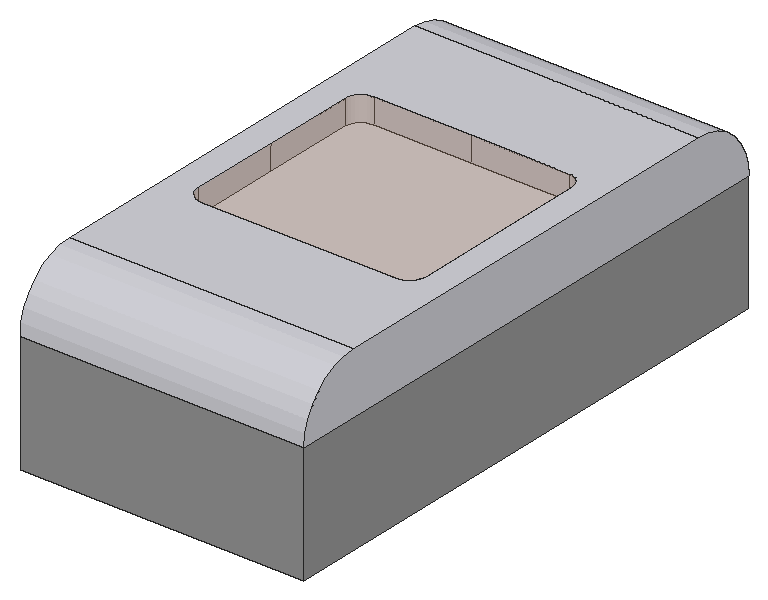
Revit family "Domotics-DomesticRanges-GEWISS-CHORUS_SIGNALLING-LAMP_1M", category Apparecchi elettrici, host Superficie, Revit 2016
Family settings
  Host = Superficie
  Mantenere orientamento annotazione = Sì
  Tipo di parte = Normale
  Quota connettore circolare = Usa diametro
  Taglio con vuoti quando caricato = Sì
  Condiviso = Sì
  Punto di calcolo locali = Sì
Parameters (values of type "GW14624 - Amber indicator lamp 1M titanium")
  Version file RFA = "19.0"
  URL = "https://www.gewiss.com/ww/en"
  Tipo_ = Chorus Spie 1M_GENERICO : GW14624 Spia di segnalazione ambra 1M titanio
  Technical sheet = "https://www.gewiss.com/ww/en/search?q=GW14624"
  Simbolo [instance] = yes
  SEO = "Indicator"
  Realized by GEWISS S.p.A. = ""
  Default Elevation = 1219.2 mm
  Produttore = "GEWISS S.p.A."
  Offset_spia [instance] = 0 mm
  Offset_bidimensionali [instance] = 2 mm
  No. Chorus modules: = "1"
  N. moduli Chorus = "1"
  Modello = "GW14624"
  Immagine tipo = GW14624.jpg
  IFC.TypeObject = ""
  IFC.ExportType = ""
  IFC.ExportAs = ""
  IDT = "fdc8d34e-45fe-4ab7-8fcf-fae2eb94421c"
  IDF = "49d4496d-f6db-4e26-8ce7-55cd9d1ea79b"
  GW - Unità di segnalazione = "With wired lead"
  GW - Significato colore = "Attention"
  GW - Colore diffusore = "Amber"
  Electrocod = "0132"
  EAN code = "8011564268500"
  Distanza_effettiva_x [instance] = 1500 mm - Distanza_x  # 1500 mm
  Distanza_x [instance] = 0 mm
  Descrizione = "AMBER INDICATOR LAMP 1M TITANIUM"
  Description. = "Flat indicator lamp"
  Colore = "Titanium"
  Catalogue Range = "CHORUS - DOMESTIC RANGE"
  Catalogue = "DOMOTICS"
  COBie.Tagnumber = ""
  COBie.CreatedOn = ""
  COBie.CreatebBy = ""
  COBie.ComponentRegisterItemID = ""
  COBie.Component.TagNumber = ""
  COBie.Component.Space = ""
  COBie.Component.SerialNumber = ""
  COBie.Component.InstallationDate = ""
  COBie.Component.Description = ""
  COBie.Component.BarCode = ""
Types (12, lengths in mm): name | Tipo_ | Technical sheet | Modello | Immagine tipo | IDT | GW - Significato colore | GW - Colore diffusore | EAN code | Descrizione | Colore
  GW10621 - Transparent indicator lamp 1M white | Chorus Spie 1M_GENERICO : GW10621 Spia di segnalazione trasparente 1M bianco | "https://www.gewiss.com/ww/en/search?q=GW10621" | "GW10621" | GW10621.jpg | "18b776be-6779-4f67-9df3-ec72dc392038" | "Neutral" | "Opal" | "8011564259607" | "TRANSPARENT INDICATOR LAMP 1M WHITE" | "White"
  GW10622 - Green indicator lamp 1M white | Chorus Spie 1M_GENERICO : GW10622 Spia di segnalazione verde 1M bianco | "https://www.gewiss.com/ww/en/search?q=GW10622" | "GW10622" | GW10622.jpg | "83d8386c-1b56-4514-b80b-aed09ac76195" | "Safety" | "Green" | "8011564259614" | "GREEN INDICATOR LAMP 1M WHITE" | "White"
  GW10623 - Red indicator lamp 1M white | Chorus Spie 1M_GENERICO : GW10623 Spia di segnalazione rosso 1M bianco | "https://www.gewiss.com/ww/en/search?q=GW10623" | "GW10623" | GW10623.jpg | "28f57745-0223-430c-ab12-52b2f72a1cb7" | "Danger" | "Red" | "8011564259621" | "RED INDICATOR LAMP 1M WHITE" | "White"
  GW10624 - Amber indicator lamp 1M white | Chorus Spie 1M_GENERICO : GW10624 Spia di segnalazione ambra 1M bianco | "https://www.gewiss.com/ww/en/search?q=GW10624" | "GW10624" | GW10624.jpg | "87372e4b-e235-4007-a5c6-86362f1698e6" | "Attention" | "Amber" | "8011564259638" | "AMBER INDICATOR LAMP 1M WHITE" | "White"
  GW12621 - Transparent indicator lamp 1M black | Chorus Spie 1M_GENERICO : GW12621 Spia di segnalazione trasparente 1M nero | "https://www.gewiss.com/ww/en/search?q=GW12621" | "GW12621" | GW12621.jpg | "2e7c2a11-069f-4464-9c5e-4db67e17848b" | "Neutral" | "Opal" | "8011564269231" | "TRANSPARENT INDICATOR LAMP 1M BLACK" | "Black"
  GW12622 - Green indicator lamp 1M black | Chorus Spie 1M_GENERICO : GW12622 Spia di segnalazione verde 1M nero | "https://www.gewiss.com/ww/en/search?q=GW12622" | "GW12622" | GW12622.jpg | "b004c597-ab21-4a6d-a75c-c2269ceb2071" | "Safety" | "Green" | "8011564269248" | "GREEN INDICATOR LAMP 1M BLACK" | "Black"
  GW12623 - Red indicator lamp 1M black | Chorus Spie 1M_GENERICO : GW12623 Spia di segnalazione rosso 1M nero | "https://www.gewiss.com/ww/en/search?q=GW12623" | "GW12623" | GW12623.jpg | "02e2ab65-bf6b-46f2-a383-3951455d6d4e" | "Danger" | "Red" | "8011564269255" | "RED INDICATOR LAMP 1M BLACK" | "Black"
  GW12624 - Amber indicator lamp 1M black | Chorus Spie 1M_GENERICO : GW12624 Spia di segnalazione ambra 1M nero | "https://www.gewiss.com/ww/en/search?q=GW12624" | "GW12624" | GW12624.jpg | "c8d7736d-7b26-4acd-8197-020b8585d413" | "Attention" | "Amber" | "8011564269262" | "AMBER INDICATOR LAMP 1M BLACK" | "Black"
  GW14621 - Transparent indicator lamp 1M titanium | Chorus Spie 1M_GENERICO : GW14621 Spia di segnalazione trasparente 1M titanio | "https://www.gewiss.com/ww/en/search?q=GW14621" | "GW14621" | GW14621.jpg | "f3442787-e54b-4c8f-81ac-3ed592c59b68" | "Neutral" | "Opal" | "8011564268418" | "TRANSPARENT INDICATOR LAMP 1M TITANIUM" | "Titanium"
  GW14622 - Green indicator lamp 1M titanium | Chorus Spie 1M_GENERICO : GW14622 Spia di segnalazione verde 1M titanio | "https://www.gewiss.com/ww/en/search?q=GW14622" | "GW14622" | GW14622.jpg | "ce68e166-7ab3-40fd-8e06-5604d820fd50" | "Safety" | "Green" | "8011564268432" | "GREEN INDICATOR LAMP 1M TITANIUM" | "Titanium"
  GW14623 - Red indicator lamp 1M titanium | Chorus Spie 1M_GENERICO : GW14623 Spia di segnalazione rosso 1M titanio | "https://www.gewiss.com/ww/en/search?q=GW14623" | "GW14623" | GW14623.jpg | "b1a41ae7-3842-41af-8c01-9404c1798ac4" | "Danger" | "Red" | "8011564268470" | "RED INDICATOR LAMP 1M TITANIUM" | "Titanium"
  GW14624 - Amber indicator lamp 1M titanium | Chorus Spie 1M_GENERICO : GW14624 Spia di segnalazione ambra 1M titanio | "https://www.gewiss.com/ww/en/search?q=GW14624" | "GW14624" | GW14624.jpg | "fdc8d34e-45fe-4ab7-8fcf-fae2eb94421c" | "Attention" | "Amber" | "8011564268500" | "AMBER INDICATOR LAMP 1M TITANIUM" | "Titanium"
Reference planes
  plane 1 "Centro (Fronte/Retro)": y = 0
  plane 2: z = 0
  plane 3 "Centro (Sinistra/Destra)": x = 0
  plane 4: x = 0
  plane 5: x = -1500
  plane 6: z = 0
  plane 7: z = 14.625
  plane 8: z = 16.625
  plane 9: x = -11.5
  plane 10: x = 11.5
Lines and regions (mm)
  Masking region 1, detail levels coarse
    outline origin (0, 0, 0) x (1, 0, 0) y (0, 0, 1)
  model lines, style "ElectricalFixtures", not visible
    curve 1: line (-9.88, 0, 25.625) -> (-8.579, 0, 25.625)
    curve 2: line (-9.88, 0, 25.625) -> (-8.579, 0, 25.625)
    curve 3: line (8.605, 0, 25.625) -> (9.907, 0, 25.625)
    curve 4: line (11.5, 0, 25.625) -> (-11.5, 0, 25.625)
    curve 5: line (-11.5, 0, 25.625) -> (11.5, 0, 25.625)
    curve 6: line (-8.579, 0, 25.625) -> (0, 0, 25.625)
    curve 7: line (0, 0, 25.625) -> (8.605, 0, 25.625)
    curve 8: line (-8.579, 0, 25.625) -> (0, 0, 25.625)
    curve 9: line (0, 0, 25.625) -> (8.605, 0, 25.625)
    curve 10: line (8.605, 0, 25.625) -> (9.907, 0, 25.625)
  model lines, style "ElectricalFixtures", not visible, detail levels coarse
    curve 11: arc (-109.372, 8.668, 0) -> (-110.292, 8.286, 0) -> (-110.673, 7.366, 0) r 1.302
    curve 12: arc (-110.673, -7.486, 0) -> (-110.292, -8.406, 0) -> (-109.372, -8.788, 0) r 1.302
    curve 13: arc (-90.886, 7.366, 0) -> (-91.268, 8.286, 0) -> (-92.188, 8.668, 0) r 1.302
    curve 14: line (-89.293, -22.5, 0) -> (-89.293, 22.5, 0)
    curve 15: line (-89.293, 22.5, 0) -> (-112.293, 22.5, 0)
    curve 16: line (-112.293, 22.5, 0) -> (-112.293, -22.5, 0)
    curve 17: line (-112.293, -22.5, 0) -> (-89.293, -22.5, 0)
    curve 18: line (-109.372, 8.668, 0) -> (-100.793, 8.668, 0)
    curve 19: line (-100.793, 8.668, 0) -> (-92.188, 8.668, 0)
    curve 20: line (-110.673, 7.366, 0) -> (-110.673, -0.06, 0)
    curve 21: line (-110.673, -0.06, 0) -> (-110.673, -7.486, 0)
    curve 22: line (-109.372, -8.788, 0) -> (-100.793, -8.788, 0)
    curve 23: line (-100.793, -8.788, 0) -> (-92.188, -8.788, 0)
    curve 24: line (-90.886, 7.366, 0) -> (-90.886, -0.06, 0)
    curve 25: line (-90.886, -0.06, 0) -> (-90.886, -7.486, 0)
    curve 26: arc (-92.188, -8.788, 0) -> (-91.268, -8.406, 0) -> (-90.886, -7.486, 0) r 1.302
  model lines, style "ElectricalFixtures", detail levels coarse
    curve 27: arc (-8.579, 8.668, 16.625) -> (-9.499, 8.286, 16.625) -> (-9.88, 7.366, 16.625) r 1.302
    curve 28: arc (-9.88, -7.486, 16.625) -> (-9.499, -8.406, 16.625) -> (-8.579, -8.788, 16.625) r 1.302
    curve 29: arc (9.907, 7.366, 16.625) -> (9.525, 8.286, 16.625) -> (8.605, 8.668, 16.625) r 1.302
    curve 30: line (11.5, -22.5, 16.625) -> (11.5, 22.5, 16.625)
    curve 31: line (11.5, 22.5, 16.625) -> (-11.5, 22.5, 16.625)
    curve 32: line (-11.5, 22.5, 16.625) -> (-11.5, -22.5, 16.625)
    curve 33: line (-11.5, -22.5, 16.625) -> (11.5, -22.5, 16.625)
    curve 34: line (-8.579, 8.668, 16.625) -> (0, 8.668, 16.625)
    curve 35: line (0, 8.668, 16.625) -> (8.605, 8.668, 16.625)
    curve 36: line (-9.88, 7.366, 16.625) -> (-9.88, -0.06, 16.625)
    curve 37: line (-9.88, -0.06, 16.625) -> (-9.88, -7.486, 16.625)
    curve 38: line (-8.579, -8.788, 16.625) -> (0, -8.788, 16.625)
    curve 39: line (0, -8.788, 16.625) -> (8.605, -8.788, 16.625)
    curve 40: line (9.907, 7.366, 16.625) -> (9.907, -0.06, 16.625)
    curve 41: line (9.907, -0.06, 16.625) -> (9.907, -7.486, 16.625)
    curve 42: arc (8.605, -8.788, 16.625) -> (9.525, -8.406, 16.625) -> (9.907, -7.486, 16.625) r 1.302
Dimensions and locks
  "Distanza_effettiva_x": plane 5 to plane 4
  plane 5 to plane 3 "Centro (Sinistra/Destra)" = 1500 mm
  "Offset_spia": plane 6 to plane 2
  locked: plane 7 to plane 6 at 14.625
  "Offset_bidimensionali": plane 8 to plane 7
  "Offset_spia": host face to nested 1
  aligned and locked: plane 2 to host face
  aligned and locked: level to host face
  aligned and locked: plane 3 "Centro (Sinistra/Destra)" to nested 1
  aligned and locked: plane 1 "Centro (Fronte/Retro)" to nested 1
  aligned and locked: plane 4 to nested 2
  aligned and locked: plane 4 to curve 35
  aligned and locked: curve 33 to plane 8
Automatic sketch dimensions
  host sketch curve to host sketch curve = 2438.4 mm  (x2)
Nested families
  nested 1: "Chorus Spie 1M_GENERICO" at (0, 0, 0), type <- "Tipo_", type "GW14624 Spia di segnalazione ambra 1M titanio", detail levels medium+fine
  nested 2: "SPIE" at (0, 3.91, 0), SIMBOLO <- "Simbolo", type "SPIE"
    with SIMBOLO yes, Distanza dal muro 2 mm, BORDO ACCESO yes
Definition of nested family "Chorus Spie 1M_GENERICO"
  Parameters (values of type "GW10622 Spia di segnalazione verde 1M bianco")
    Type Image = element 1225501
    IFC.TypeObject = ""
    IFC.ExportType = ""
    IFC.ExportAs = ""
    GW - Unità di segnalazione = "Ad ampolla"
    GW - Significato colore = "Sicurezza"
    N. moduli Chorus = "1"
    GW - Descrizione = "SPIA DI SEGNALAZIONE VERDE 1M BIANCO"
    GW - Costruttore = "GEWISS"
    GW - Colore diffusore = "Verde"
    Colore = "Bianco"
    GW - Codice = "GW10622"
    Catalogo = "DOMOTICS"
    GEWISS URL = "http://www.gewiss.com/prv/it_IT/index.html"
    GEWISS SCHEDA TECNICA = "http://pro.gewiss.com/irj/portal/?NavigationTarget=pcd:portal_content/com.gewiss.ZPPFDMain/com.gewiss.ZPPFDITMain/com.gewiss.ZPPFDITMainDefault/com.gewiss.ZPPFDITPages/com.gewiss.ZPPFDITPagesAP/com.gewiss.ZPPFDITPagesAPCatalogo/com.gewiss.ZPPPDITAPProductDetail&codProd=GW10622"
    Finitura Chorus Spia Trasparente = none
    Finitura Chorus Spia Placca = none
    COBie.CreatedOn = ""
    COBie.CreatebBy = ""
    COBie.ComponentRegisterItemID = ""
    COBie.Component.TagNumber = ""
    COBie.Component.Space = ""
    COBie.Component.SerialNumber = ""
    COBie.Component.InstallationDate = ""
    COBie.Component.Description = ""
    COBie.Component.BarCode = ""
    Altezza da Terra = 750 mm
  Types (12, lengths in mm): name | Type Image | GW - Significato colore | GW - Descrizione | GW - Colore diffusore | Colore | GW - Codice | GEWISS SCHEDA TECNICA
    GW10621 Spia di segnalazione trasparente 1M bianco | element 1225499 | "Neutro" | "SPIA DI SEGNAL.TRASPARENTE 1M BIANCO" | "Opale" | "Bianco" | "GW10621" | "http://pro.gewiss.com/irj/portal/?NavigationTarget=pcd:portal_content/com.gewiss.ZPPFDMain/com.gewiss.ZPPFDITMain/com.gewiss.ZPPFDITMainDefault/com.gewiss.ZPPFDITPages/com.gewiss.ZPPFDITPagesAP/com.gewiss.ZPPFDITPagesAPCatalogo/com.gewiss.ZPPPDITAPProductDetail&codProd=GW10621"
    GW10622 Spia di segnalazione verde 1M bianco | element 1225501 | "Sicurezza" | "SPIA DI SEGNALAZIONE VERDE 1M BIANCO" | "Verde" | "Bianco" | "GW10622" | "http://pro.gewiss.com/irj/portal/?NavigationTarget=pcd:portal_content/com.gewiss.ZPPFDMain/com.gewiss.ZPPFDITMain/com.gewiss.ZPPFDITMainDefault/com.gewiss.ZPPFDITPages/com.gewiss.ZPPFDITPagesAP/com.gewiss.ZPPFDITPagesAPCatalogo/com.gewiss.ZPPPDITAPProductDetail&codProd=GW10622"
    GW10623 Spia di segnalazione rosso 1M bianco | element 1225503 | "Pericolo" | "SPIA DI SEGNALAZIONE ROSSO 1M BIANCO" | "Rosso" | "Bianco" | "GW10623" | "http://pro.gewiss.com/irj/portal/?NavigationTarget=pcd:portal_content/com.gewiss.ZPPFDMain/com.gewiss.ZPPFDITMain/com.gewiss.ZPPFDITMainDefault/com.gewiss.ZPPFDITPages/com.gewiss.ZPPFDITPagesAP/com.gewiss.ZPPFDITPagesAPCatalogo/com.gewiss.ZPPPDITAPProductDetail&codProd=GW10623"
    GW10624 Spia di segnalazione ambra 1M bianco | element 1225505 | "Attenzione" | "SPIA DI SEGNALAZIONE AMBRA 1M BIANCO" | "Ambra" | "Bianco" | "GW10624" | "http://pro.gewiss.com/irj/portal/?NavigationTarget=pcd:portal_content/com.gewiss.ZPPFDMain/com.gewiss.ZPPFDITMain/com.gewiss.ZPPFDITMainDefault/com.gewiss.ZPPFDITPages/com.gewiss.ZPPFDITPagesAP/com.gewiss.ZPPFDITPagesAPCatalogo/com.gewiss.ZPPPDITAPProductDetail&codProd=GW10624"
    GW12621 Spia di segnalazione trasparente 1M nero | element 1225507 | "Neutro" | "SPIA DI SEGNAL.TRASPARENTE 1M NERO" | "Opale" | "Nero" | "GW12621" | "http://pro.gewiss.com/irj/portal/?NavigationTarget=pcd:portal_content/com.gewiss.ZPPFDMain/com.gewiss.ZPPFDITMain/com.gewiss.ZPPFDITMainDefault/com.gewiss.ZPPFDITPages/com.gewiss.ZPPFDITPagesAP/com.gewiss.ZPPFDITPagesAPCatalogo/com.gewiss.ZPPPDITAPProductDetail&codProd=GW12621"
    GW12622 Spia di segnalazione verde 1M nero | element 1225509 | "Sicurezza" | "SPIA DI SEGNALAZIONE VERDE 1M NERO" | "Verde" | "Nero" | "GW12622" | "http://pro.gewiss.com/irj/portal/?NavigationTarget=pcd:portal_content/com.gewiss.ZPPFDMain/com.gewiss.ZPPFDITMain/com.gewiss.ZPPFDITMainDefault/com.gewiss.ZPPFDITPages/com.gewiss.ZPPFDITPagesAP/com.gewiss.ZPPFDITPagesAPCatalogo/com.gewiss.ZPPPDITAPProductDetail&codProd=GW12622"
    GW12623 Spia di segnalazione rosso 1M nero | element 1225511 | "Pericolo" | "SPIA DI SEGNALAZIONE ROSSO 1M NERO" | "Rosso" | "Nero" | "GW12623" | "http://pro.gewiss.com/irj/portal/?NavigationTarget=pcd:portal_content/com.gewiss.ZPPFDMain/com.gewiss.ZPPFDITMain/com.gewiss.ZPPFDITMainDefault/com.gewiss.ZPPFDITPages/com.gewiss.ZPPFDITPagesAP/com.gewiss.ZPPFDITPagesAPCatalogo/com.gewiss.ZPPPDITAPProductDetail&codProd=GW12623"
    GW12624 Spia di segnalazione ambra 1M nero | element 1225513 | "Attenzione" | "SPIA DI SEGNALAZIONE AMBRA 1M NERO" | "Ambra" | "Nero" | "GW12624" | "http://pro.gewiss.com/irj/portal/?NavigationTarget=pcd:portal_content/com.gewiss.ZPPFDMain/com.gewiss.ZPPFDITMain/com.gewiss.ZPPFDITMainDefault/com.gewiss.ZPPFDITPages/com.gewiss.ZPPFDITPagesAP/com.gewiss.ZPPFDITPagesAPCatalogo/com.gewiss.ZPPPDITAPProductDetail&codProd=GW12624"
    GW14621 Spia di segnalazione trasparente 1M titanio | element 1225515 | "Neutro" | "SPIA DI SEGNAL.TRASPARENTE 1M TITANIO" | "Opale" | "Titanio" | "GW14621" | "http://pro.gewiss.com/irj/portal/?NavigationTarget=pcd:portal_content/com.gewiss.ZPPFDMain/com.gewiss.ZPPFDITMain/com.gewiss.ZPPFDITMainDefault/com.gewiss.ZPPFDITPages/com.gewiss.ZPPFDITPagesAP/com.gewiss.ZPPFDITPagesAPCatalogo/com.gewiss.ZPPPDITAPProductDetail&codProd=GW14621"
    GW14622 Spia di segnalazione verde 1M titanio | element 1225517 | "Sicurezza" | "SPIA DI SEGNALAZIONE VERDE 1M TITANIO" | "Verde" | "Titanio" | "GW14622" | "http://pro.gewiss.com/irj/portal/?NavigationTarget=pcd:portal_content/com.gewiss.ZPPFDMain/com.gewiss.ZPPFDITMain/com.gewiss.ZPPFDITMainDefault/com.gewiss.ZPPFDITPages/com.gewiss.ZPPFDITPagesAP/com.gewiss.ZPPFDITPagesAPCatalogo/com.gewiss.ZPPPDITAPProductDetail&codProd=GW14622"
    GW14623 Spia di segnalazione rosso 1M titanio | element 1225519 | "Pericolo" | "SPIA DI SEGNALAZIONE ROSSO 1M TITANIO" | "Rosso" | "Titanio" | "GW14623" | "http://pro.gewiss.com/irj/portal/?NavigationTarget=pcd:portal_content/com.gewiss.ZPPFDMain/com.gewiss.ZPPFDITMain/com.gewiss.ZPPFDITMainDefault/com.gewiss.ZPPFDITPages/com.gewiss.ZPPFDITPagesAP/com.gewiss.ZPPFDITPagesAPCatalogo/com.gewiss.ZPPPDITAPProductDetail&codProd=GW14623"
    GW14624 Spia di segnalazione ambra 1M titanio | element 1225497 | "Attenzione" | "SPIA DI SEGNALAZIONE AMBRA 1M TITANIO" | "Ambra" | "Titanio" | "GW14624" | "http://pro.gewiss.com/irj/portal/?NavigationTarget=pcd:portal_content/com.gewiss.ZPPFDMain/com.gewiss.ZPPFDITMain/com.gewiss.ZPPFDITMainDefault/com.gewiss.ZPPFDITPages/com.gewiss.ZPPFDITPagesAP/com.gewiss.ZPPFDITPagesAPCatalogo/com.gewiss.ZPPPDITAPProductDetail&codProd=GW14624"
  Reference planes
    plane 1 "Centro (Fronte/Retro)": y = 0
    plane 2: z = 0
    plane 3 "Centro (Sinistra/Destra)": x = 0
    plane 4: x = -11.5
    plane 5: x = 11.5
    plane 6: z = 14.625
    plane 7 "1": z = 12.625
    plane 8: z = 9.625
    plane 9: y = -22.5
    plane 10: y = 22.5
  Forms (mm)
    Extrusion 1, solid, material <- "Finitura Chorus Spia Placca"
      sketch origin (0, -772.5, -6.25) x (0, 0, -1) y (0, 1, 0)
        loop
          line (-20.875, 790) -> (-20.875, 755)
          arc (-20.875, 755) -> (-19.411, 751.464) -> (-15.875, 750) r 5
          line (-15.875, 750) -> (-15.875, 795)
          arc (-15.875, 795) -> (-19.411, 793.536) -> (-20.875, 790) r 5
      from -11.5 to 11.5
    Extrusion 2, void
      sketch origin (0, -772.5, -6.25) x (1, 0, 0) y (0, 1, 0)
        loop
          arc (-7.859, 781.228) -> (-8.779, 780.846) -> (-9.16, 779.926) r 1.302
          line (-9.16, 779.926) -> (-9.16, 772.5) -> (-9.16, 765.074)
          arc (-9.16, 765.074) -> (-8.779, 764.154) -> (-7.859, 763.772) r 1.302
          line (-7.859, 763.772) -> (0.052, 763.772) -> (7.962, 763.772)
          arc (7.962, 763.772) -> (8.883, 764.154) -> (9.264, 765.074) r 1.302
          line (9.264, 765.074) -> (9.264, 772.5) -> (9.264, 779.926)
          arc (9.264, 779.926) -> (8.883, 780.846) -> (7.962, 781.228) r 1.302
          line (7.962, 781.228) -> (0.052, 781.228) -> (-7.859, 781.228)
      from 18.875 to 20.875
    Extrusion 3, solid, material <- "Finitura Chorus Spia Trasparente"
      sketch origin (0, -772.5, -6.25) x (1, 0, 0) y (0, 1, 0)
        loop
          arc (-7.859, 781.228) -> (-8.779, 780.846) -> (-9.16, 779.926) r 1.302
          line (-9.16, 779.926) -> (-9.16, 772.5) -> (-9.16, 765.074)
          arc (-9.16, 765.074) -> (-8.779, 764.154) -> (-7.859, 763.772) r 1.302
          line (-7.859, 763.772) -> (0.052, 763.772) -> (7.962, 763.772)
          arc (7.962, 763.772) -> (8.883, 764.154) -> (9.264, 765.074) r 1.302
          line (9.264, 765.074) -> (9.264, 772.5) -> (9.264, 779.926)
          arc (9.264, 779.926) -> (8.883, 780.846) -> (7.962, 781.228) r 1.302
          line (7.962, 781.228) -> (0.052, 781.228) -> (-7.859, 781.228)
      from 18.875 to 20.875
    Extrusion 4, solid
      sketch origin (0, 0, 0) x (1, 0, 0) y (0, 1, 0)
        loop
          line (-11.5, 22.5) -> (-11.5, -22.5) -> (11.5, -22.5) -> (11.5, 22.5) -> (-11.5, 22.5)
      from 0 to 9.625
  Cuts and joins
    Extrusion 2 cuts Extrusion 1
  Dimensions and locks
    plane 6 to level = 14.625 mm
    locked: plane 6 to plane 7 "1" at 2
    plane 8 to plane 2 = 9.625 mm
    equal spacing: plane 4, plane 3 "Centro (Sinistra/Destra)", plane 5
    cut or joined group of Extrusion 1, Extrusion 2 to Extrusion 3 = 2.34 mm
    Extrusion 3 to cut or joined group of Extrusion 1, Extrusion 2 = 2.236 mm
    plane 4 to plane 3 "Centro (Sinistra/Destra)" = 11.5 mm
    aligned and locked: level to plane 2
    aligned and locked: plane 4 to Extrusion 1
    aligned and locked: Extrusion 1 to plane 5
    aligned and locked: plane 6 to Extrusion 3
    aligned and locked: Extrusion 3 to plane 7 "1"
    aligned and locked: Extrusion 2 to Extrusion 3
    aligned and locked: cut or joined group of Extrusion 1, Extrusion 2 to plane 8
    aligned and locked: Extrusion 4 sketch curve to plane 10
    aligned and locked: plane 5 to Extrusion 4 sketch curve
    aligned and locked: plane 9 to Extrusion 4 sketch curve
    aligned and locked: plane 4 to Extrusion 4 sketch curve
    aligned and locked: plane 8 to Extrusion 4
  Automatic sketch dimensions
    Extrusion 1 sketch curve to plane 6 = 0 mm
    Extrusion 1 sketch curve to plane 8 = 0 mm
    Extrusion 1 sketch curve to plane 9 = 0 mm
    Extrusion 1 sketch curve to plane 10 = 0 mm
    plane 1 "Centro (Fronte/Retro)" to Extrusion 2 sketch curve = 0 mm  (x2)
    plane 4 to Extrusion 2 sketch curve = 2.34 mm
    Extrusion 2 sketch curve to Extrusion 2 sketch curve = 1.302 mm  (x3)
    plane 3 "Centro (Sinistra/Destra)" to Extrusion 2 sketch curve = 0.052 mm  (x2)
    plane 5 to Extrusion 2 sketch curve = 3.538 mm  (x2)
    plane 1 "Centro (Fronte/Retro)" to Extrusion 2 sketch curve = 7.426 mm
    Extrusion 2 sketch curve to Extrusion 2 sketch curve = 7.426 mm
    plane 1 "Centro (Fronte/Retro)" to Extrusion 3 sketch curve = 0 mm  (x2)
    plane 4 to Extrusion 3 sketch curve = 2.34 mm
    Extrusion 3 sketch curve to Extrusion 3 sketch curve = 1.302 mm  (x3)
    plane 3 "Centro (Sinistra/Destra)" to Extrusion 3 sketch curve = 0.052 mm  (x2)
    plane 5 to Extrusion 3 sketch curve = 3.538 mm  (x2)
    plane 1 "Centro (Fronte/Retro)" to Extrusion 3 sketch curve = 7.426 mm
    Extrusion 3 sketch curve to Extrusion 3 sketch curve = 7.426 mm
Definition of nested family "SPIE"
  Parameters (values of type "SPIE")
    tipo = SPIE_BASE : SPIE
    SIMBOLO [instance] = yes
    Distanza dal muro [instance] = 2 mm
    BORDO ACCESO [instance] = yes
  Types (2): name
    SPIE DOPPIE
    SPIE
  Reference planes
    plane 1: y = 0
    plane 2: x = 0
  Lines and regions (mm)
    detail lines, visible <- "BORDO ACCESO", not visible
      curve 1: line (-2.25, 0.412, 0) -> (2.25, 0.412, 0)
      curve 2: line (2.25, 0.412, 0) -> (2.25, -5.588, 0)
      curve 3: line (2.25, -5.588, 0) -> (-2.25, -5.588, 0)
      curve 4: line (-2.25, -5.588, 0) -> (-2.25, 0.412, 0)
      curve 30: line (-1.85, 0.012, 0) -> (1.85, 0.012, 0)
      curve 31: line (1.85, 0.012, 0) -> (1.85, -5.188, 0)
      curve 32: line (1.85, -5.188, 0) -> (-1.85, -5.188, 0)
      curve 33: line (-1.85, -5.188, 0) -> (-1.85, 0.012, 0)
      curve 34: line (-2.25, 6, 0) -> (2.25, 6, 0)
      curve 35: line (2.25, 6, 0) -> (2.25, 0, 0)
      curve 36: line (2.25, 0, 0) -> (-2.25, 0, 0)
      curve 37: line (-2.25, 0, 0) -> (-2.25, 6, 0)
      curve 61: line (-1.85, 5.6, 0) -> (1.85, 5.6, 0)
      curve 62: line (1.85, 5.6, 0) -> (1.85, 0.4, 0)
      curve 63: line (1.85, 0.4, 0) -> (-1.85, 0.4, 0)
      curve 64: line (-1.85, 0.4, 0) -> (-1.85, 5.6, 0)
      curve 65: line (-2.443, 10.208, 0) -> (2.057, 10.208, 0)
      curve 66: line (2.057, 10.208, 0) -> (2.057, 4.208, 0)
      curve 67: line (2.057, 4.208, 0) -> (-2.443, 4.208, 0)
      curve 68: line (-2.443, 4.208, 0) -> (-2.443, 10.208, 0)
      curve 69: line (-2.043, 9.808, 0) -> (1.657, 9.808, 0)
      curve 70: line (1.657, 9.808, 0) -> (1.657, 4.608, 0)
      curve 71: line (1.657, 4.608, 0) -> (-2.043, 4.608, 0)
      curve 72: line (-2.043, 4.608, 0) -> (-2.043, 9.808, 0)
    detail lines, not visible
      curve 5: line (-9.473, -5.588, 0) -> (10.527, -5.588, 0)
      curve 6: circle (-0.56, -0.487, 0) r 0.969 normal (0, 0, 1)
      curve 7: line (-0.005, 0.306, 0) -> (0.852, 1.529, 0)
      curve 8: line (0.852, 1.529, 0) -> (1.529, 1.047, 0)
      curve 9: circle (-0.56, -315.487, 0) r 0.969 normal (0, 0, 1)
      curve 10: line (-0.005, -314.694, 0) -> (0.852, -313.471, 0)
      curve 11: line (0.852, -313.471, 0) -> (1.529, -313.953, 0)
      curve 12: line (-1.245, -314.803, 0) -> (0.124, -316.172, 0)
      curve 13: line (0.124, -314.803, 0) -> (-1.245, -316.172, 0)
      curve 14: circle (-0.56, -480.487, 0) r 0.969 normal (0, 0, 1)
      curve 15: line (-0.005, -479.694, 0) -> (0.852, -478.471, 0)
      curve 16: line (0.852, -478.471, 0) -> (1.529, -478.953, 0)
      curve 17: line (0.493, -478.983, 0) -> (1.167, -479.462, 0)
      curve 18: circle (-0.56, -880.487, 0) r 0.969 normal (0, 0, 1)
      curve 19: line (-0.005, -879.694, 0) -> (0.852, -878.471, 0)
      curve 20: line (0.852, -878.471, 0) -> (1.529, -878.953, 0)
      curve 21: line (-1.245, -879.803, 0) -> (0.124, -881.172, 0)
      curve 22: line (0.124, -879.803, 0) -> (-1.245, -881.172, 0)
      curve 23: line (0.493, -878.983, 0) -> (1.167, -879.462, 0)
      curve 24: circle (-0.56, -365.487, 0) r 0.969 normal (0, 0, 1)
      curve 25: line (-0.005, -364.694, 0) -> (0.852, -363.471, 0)
      curve 26: line (0.852, -363.471, 0) -> (1.529, -363.953, 0)
      curve 27: line (-0.56, -364.925, 0) -> (-0.56, -366.05, 0)
      curve 28: line (0.493, -363.983, 0) -> (1.167, -364.462, 0)
      curve 29: line (0, 3.621, 0) -> (0, -16.379, 0)
      curve 38: circle (-0.56, 2.417, 0) r 0.969 normal (0, 0, 1)
      curve 39: line (-0.005, 3.21, 0) -> (0.852, 4.433, 0)
      curve 40: line (0.852, 4.433, 0) -> (1.529, 3.951, 0)
      curve 41: circle (-0.56, 2.417, 0) r 0.969 normal (0, 0, 1)
      curve 42: line (-0.005, 3.21, 0) -> (0.852, 4.433, 0)
      curve 43: line (0.852, 4.433, 0) -> (1.529, 3.951, 0)
      curve 44: line (-1.245, 3.102, 0) -> (0.124, 1.732, 0)
      curve 45: line (0.124, 3.102, 0) -> (-1.245, 1.732, 0)
      curve 46: circle (-0.56, 2.417, 0) r 0.969 normal (0, 0, 1)
      curve 47: line (-0.005, 3.21, 0) -> (0.852, 4.433, 0)
      curve 48: line (0.852, 4.433, 0) -> (1.529, 3.951, 0)
      curve 49: circle (-0.56, 2.417, 0) r 0.969 normal (0, 0, 1)
      curve 50: line (-0.005, 3.21, 0) -> (0.852, 4.433, 0)
      curve 51: line (0.852, 4.433, 0) -> (1.529, 3.951, 0)
      curve 52: line (-1.245, 3.102, 0) -> (0.124, 1.732, 0)
      curve 53: line (0.124, 3.102, 0) -> (-1.245, 1.732, 0)
      curve 54: line (0.493, 3.921, 0) -> (1.167, 3.442, 0)
      curve 55: line (0.493, 3.921, 0) -> (1.167, 3.442, 0)
      curve 56: circle (-0.56, 2.417, 0) r 0.969 normal (0, 0, 1)
      curve 57: line (-0.005, 3.21, 0) -> (0.852, 4.433, 0)
      curve 58: line (0.852, 4.433, 0) -> (1.529, 3.951, 0)
      curve 59: line (-0.56, 2.979, 0) -> (-0.56, 1.854, 0)
      curve 60: line (0.493, 3.921, 0) -> (1.167, 3.442, 0)
  Dimensions and locks
    "Distanza dal muro": plane 1 to nested 1
    aligned and locked: curve 5 to curve 3
    aligned and locked: plane 2 to nested 1
  Nested families
    nested 1: "SPIE_BASE" at (0, 2, 0), BORDO ACCESO <- "BORDO ACCESO", type <- "tipo", visible <- "SIMBOLO", type "SPIE"
      with BORDO ACCESO yes
  Definition of nested family "SPIE_BASE"
    Parameters (values of type "SPIE")
      SPIE DOPPIE = no
      SPIE = yes
      Distanza dal muro = 4.208 mm
      BORDO ACCESO [instance] = yes
    Types (2, lengths in mm): name | SPIE DOPPIE | SPIE
      SPIE | no | yes
      SPIE DOPPIE | yes | no
    Reference planes
      plane 1: y = 0
      plane 2: x = 0
    Lines and regions (mm)
      detail lines, visible <- "BORDO ACCESO", not visible
        curve 1: line (-2.25, 0.412, 0) -> (2.25, 0.412, 0)
        curve 2: line (2.25, 0.412, 0) -> (2.25, -5.588, 0)
        curve 3: line (2.25, -5.588, 0) -> (-2.25, -5.588, 0)
        curve 4: line (-2.25, -5.588, 0) -> (-2.25, 0.412, 0)
        curve 30: line (-1.85, 0.012, 0) -> (1.85, 0.012, 0)
        curve 31: line (1.85, 0.012, 0) -> (1.85, -5.188, 0)
        curve 32: line (1.85, -5.188, 0) -> (-1.85, -5.188, 0)
        curve 33: line (-1.85, -5.188, 0) -> (-1.85, 0.012, 0)
        curve 34: line (-2.25, 6, 0) -> (2.25, 6, 0)
        curve 35: line (2.25, 6, 0) -> (2.25, 0, 0)
        curve 36: line (2.25, 0, 0) -> (-2.25, 0, 0)
        curve 37: line (-2.25, 0, 0) -> (-2.25, 6, 0)
        curve 61: line (-1.85, 5.6, 0) -> (1.85, 5.6, 0)
        curve 62: line (1.85, 5.6, 0) -> (1.85, 0.4, 0)
        curve 63: line (1.85, 0.4, 0) -> (-1.85, 0.4, 0)
        curve 64: line (-1.85, 0.4, 0) -> (-1.85, 5.6, 0)
        curve 65: line (-2.443, 10.208, 0) -> (2.057, 10.208, 0)
        curve 66: line (2.057, 10.208, 0) -> (2.057, 4.208, 0)
        curve 67: line (2.057, 4.208, 0) -> (-2.443, 4.208, 0)
        curve 68: line (-2.443, 4.208, 0) -> (-2.443, 10.208, 0)
        curve 69: line (-2.043, 9.808, 0) -> (1.657, 9.808, 0)
        curve 70: line (1.657, 9.808, 0) -> (1.657, 4.608, 0)
        curve 71: line (1.657, 4.608, 0) -> (-2.043, 4.608, 0)
        curve 72: line (-2.043, 4.608, 0) -> (-2.043, 9.808, 0)
      detail lines, not visible
        curve 5: line (-9.473, -5.588, 0) -> (10.527, -5.588, 0)
        curve 6: circle (-0.56, -0.487, 0) r 0.969 normal (0, 0, 1)
        curve 7: line (-0.005, 0.306, 0) -> (0.852, 1.529, 0)
        curve 8: line (0.852, 1.529, 0) -> (1.529, 1.047, 0)
        curve 9: circle (-0.56, -315.487, 0) r 0.969 normal (0, 0, 1)
        curve 10: line (-0.005, -314.694, 0) -> (0.852, -313.471, 0)
        curve 11: line (0.852, -313.471, 0) -> (1.529, -313.953, 0)
        curve 12: line (-1.245, -314.803, 0) -> (0.124, -316.172, 0)
        curve 13: line (0.124, -314.803, 0) -> (-1.245, -316.172, 0)
        curve 14: circle (-0.56, -480.487, 0) r 0.969 normal (0, 0, 1)
        curve 15: line (-0.005, -479.694, 0) -> (0.852, -478.471, 0)
        curve 16: line (0.852, -478.471, 0) -> (1.529, -478.953, 0)
        curve 17: line (0.493, -478.983, 0) -> (1.167, -479.462, 0)
        curve 18: circle (-0.56, -880.487, 0) r 0.969 normal (0, 0, 1)
        curve 19: line (-0.005, -879.694, 0) -> (0.852, -878.471, 0)
        curve 20: line (0.852, -878.471, 0) -> (1.529, -878.953, 0)
        curve 21: line (-1.245, -879.803, 0) -> (0.124, -881.172, 0)
        curve 22: line (0.124, -879.803, 0) -> (-1.245, -881.172, 0)
        curve 23: line (0.493, -878.983, 0) -> (1.167, -879.462, 0)
        curve 24: circle (-0.56, -365.487, 0) r 0.969 normal (0, 0, 1)
        curve 25: line (-0.005, -364.694, 0) -> (0.852, -363.471, 0)
        curve 26: line (0.852, -363.471, 0) -> (1.529, -363.953, 0)
        curve 27: line (-0.56, -364.925, 0) -> (-0.56, -366.05, 0)
        curve 28: line (0.493, -363.983, 0) -> (1.167, -364.462, 0)
        curve 29: line (0, 3.621, 0) -> (0, -16.379, 0)
        curve 38: circle (-0.56, 2.417, 0) r 0.969 normal (0, 0, 1)
        curve 39: line (-0.005, 3.21, 0) -> (0.852, 4.433, 0)
        curve 40: line (0.852, 4.433, 0) -> (1.529, 3.951, 0)
        curve 41: circle (-0.56, 2.417, 0) r 0.969 normal (0, 0, 1)
        curve 42: line (-0.005, 3.21, 0) -> (0.852, 4.433, 0)
        curve 43: line (0.852, 4.433, 0) -> (1.529, 3.951, 0)
        curve 44: line (-1.245, 3.102, 0) -> (0.124, 1.732, 0)
        curve 45: line (0.124, 3.102, 0) -> (-1.245, 1.732, 0)
        curve 46: circle (-0.56, 2.417, 0) r 0.969 normal (0, 0, 1)
        curve 47: line (-0.005, 3.21, 0) -> (0.852, 4.433, 0)
        curve 48: line (0.852, 4.433, 0) -> (1.529, 3.951, 0)
        curve 49: circle (-0.56, 2.417, 0) r 0.969 normal (0, 0, 1)
        curve 50: line (-0.005, 3.21, 0) -> (0.852, 4.433, 0)
        curve 51: line (0.852, 4.433, 0) -> (1.529, 3.951, 0)
        curve 52: line (-1.245, 3.102, 0) -> (0.124, 1.732, 0)
        curve 53: line (0.124, 3.102, 0) -> (-1.245, 1.732, 0)
        curve 54: line (0.493, 3.921, 0) -> (1.167, 3.442, 0)
        curve 55: line (0.493, 3.921, 0) -> (1.167, 3.442, 0)
        curve 56: circle (-0.56, 2.417, 0) r 0.969 normal (0, 0, 1)
        curve 57: line (-0.005, 3.21, 0) -> (0.852, 4.433, 0)
        curve 58: line (0.852, 4.433, 0) -> (1.529, 3.951, 0)
        curve 59: line (-0.56, 2.979, 0) -> (-0.56, 1.854, 0)
        curve 60: line (0.493, 3.921, 0) -> (1.167, 3.442, 0)
      detail lines, visible <- "SPIE"
        curve 73: line (-0.354, 1.604, 0) -> (0.354, 0.896, 0)
        curve 74: circle (0, 1.25, 0) r 0.5 normal (0, 0, 1)
        curve 75: line (0.354, 1.604, 0) -> (-0.354, 0.896, 0)
      detail lines, visible <- "SPIE DOPPIE"
        curve 76: line (-0.354, 2.152, 0) -> (0.354, 1.445, 0)
        curve 77: circle (0, 1.799, 0) r 0.5 normal (0, 0, 1)
        curve 78: line (0.354, 2.152, 0) -> (-0.354, 1.445, 0)
        curve 79: line (-0.354, 0.348, 0) -> (0.354, 1.055, 0)
        curve 80: circle (0, 0.701, 0) r 0.5 normal (0, 0, -1)
        curve 81: line (0.354, 0.348, 0) -> (-0.354, 1.055, 0)
    Dimensions and locks
      aligned and locked: curve 5 to curve 3
